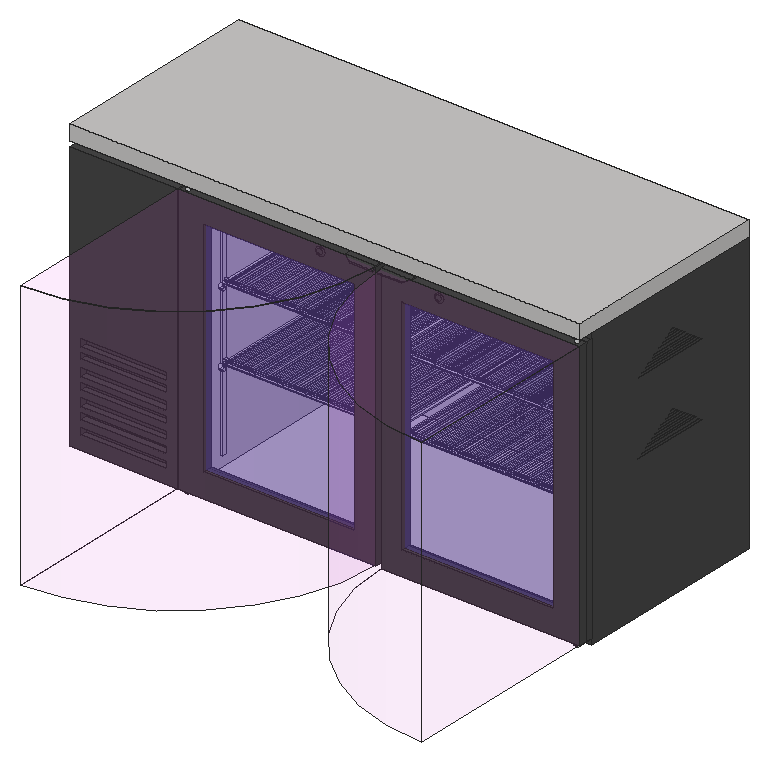
Revit family "QF_True_TBB24-60-2G-Z1-SFT-B-1_Glass_Swing_Door_Back_Bar", category Specialty Equipment, Revit 2021 (continued)
Definition of nested family "Family3"
  Definition of nested family "2 INCHES_CASTER"
    Forms (in)
      Extrusion 4, solid, visible <- "2 Inches Caster"
        sketch origin (-1.98481, 1.43296, -1.7541) x (0, 1, 0) y (0, 0, 1)
          loop
            line (-0.64294, 3.71792) -> (-2.21294, 3.71792)
        from 2.74918 to 2.90825
      Extrusion 5, solid, visible <- "2 Inches Caster"
        sketch origin (1.98481, 1.43296, -1.7541) x (0, 1, 0) y (0, 0, -1)
          loop
            arc (-0.58446, -2.55082) -> (-0.59625, -2.50123) -> (-0.6121, -2.45278) r 0.61695
            arc (-0.6121, -2.45278) -> (-0.94802, -2.21237) -> (-1.29729, -2.43295) r 0.37001
            arc (-1.29729, -2.43295) -> (-1.36136, -2.62044) -> (-1.39241, -2.81612) r 1.15385
            arc (-1.39241, -2.81612) -> (-1.56115, -3.28048) -> (-1.94904, -3.58652) r 0.90292
            line (-1.94904, -3.58652) -> (-2.21294, -3.58652) -> (-2.21294, -3.71792) -> (-0.64294, -3.71792)
            arc (-0.64294, -3.71792) -> (-0.42936, -3.69906) -> (-0.22239, -3.64306) r 1.21859
            line (-0.22239, -3.64306) -> (-0.29048, -3.52526)
            arc (-0.29048, -3.52526) -> (-0.07255, -3.40259) -> (0.12713, -3.252) r 1.8753
            line (0.12713, -3.252) -> (0.05609, -3.15367)
            arc (0.05609, -3.15367) -> (-0.36134, -2.95548) -> (-0.58446, -2.55082) r 0.75313
        from 2.74918 to 2.90825
    Cuts and joins
      joined: Revolve 1, Extrusion 4, Extrusion 5
    Lines and regions (in)
      symbolic lines, visible <- "2 Inches Caster"
        curve 1: line (0.10651, 1.59133, 0) -> (0.80944, 1.1855, 0)
        curve 2: line (-0.89349, -0.14072, 0) -> (0.10651, 1.59133, 0)
        curve 3: line (-0.19056, -0.54656, 0) -> (-0.89349, -0.14072, 0)
        curve 4: line (0.80944, 1.1855, 0) -> (-0.19056, -0.54656, 0)
    Dimensions and locks (in)
      plane 4 "TOP" to level = 2"  (x2)
      aligned and locked: level to plane 1
  Definition of nested family "3 INCHES 01_CASTER"
    Parameters (values of type "3 INCHES 01_CASTER")
      Weight = ""
      URL Manufacturer = ""
      URL Cutsheet = ""
      URL = ""
      Type Mark [instance] = ""
      Specification by User [instance] = ""
      Specification by Manufacturer = ""
      Serial Number = ""
      Seismic Rating = ""
      SMACNA No = ""
      Revision Code [instance] = ""
      Omniclass Number and Title = ""
      NAFEM Spec ID Number = ""
      Model = ""
      MasterSpec. = ""
      Manufacturer = ""
      Item Number [instance] = ""
      Installed By [instance] = ""
      Identify Quantity as Lot [instance] = yes
      Furnished By [instance] = ""
      Foodservice Equipment Identifier [instance] = yes
      Description = ""
      Default Elevation = 0"
      CSI MasterFormat = ""
      CSI Master Format = ""
      Assembly Code = ""
      3 Inches Caster [instance] = yes
    Reference planes (in)
      plane 1: z = 0
      plane 2 "RIGHT": x = 0
      plane 3 "FRONT": y = 0
      plane 4 "TOP": z = 3
    Forms (in)
      Revolve 1, solid, visible <- "3 Inches Caster"
        sketch origin (-1.93794, 0.56004, -1.0041) x (1, 0, 0) y (0, 0, 1)
          loop
            line (0.74055, 2.11347) -> (0.74055, 2.03797) -> (0.79055, 1.98797) -> (0.85055, 1.98797) -> (0.85055, 1.8679) -> (1.235, 1.8679) -> (1.235, 1.7068) -> (1.36441, 1.63209) -> (1.4003, 1.41035) -> (1.34375, 1.41035) -> (1.34375, 1.28535) -> (1.375, 1.28535) -> (1.375, 1.0041) -> (2.48438, 1.0041) -> (2.48438, 1.28535) -> (2.51563, 1.28535) -> (2.51563, 1.41035) -> (2.45908, 1.41035) -> (2.49553, 1.6356) -> (2.62438, 1.70999) -> (2.62438, 1.8679) -> (3.04007, 1.8679) -> (3.04007, 1.98797) -> (3.10007, 1.98797) -> (3.15007, 2.03797) -> (3.15007, 2.11347) -> (0.74055, 2.11347)
          axis (0.74055, 2.11347) -> (3.15007, 2.11347)
        angle from 0 to 360
      Extrusion 2, solid, visible <- "3 Inches Caster"
        sketch origin (-1.93794, 1.35294, -3.2541) x (0, 1, 0) y (0, 0, 1)
          loop
            line (-0.41094, 5.86793) -> (-0.41094, 6.01276) -> (-2.29494, 6.01276) -> (-2.29494, 5.71244) -> (-1.82301, 5.71244)
            arc (-1.82301, 5.71244) -> (-1.00307, 5.59865) -> (-0.19592, 5.41488) r 9.6332
            arc (-0.19592, 5.41488) -> (0.12646, 5.29481) -> (0.42224, 5.11916) r 1.92059
            line (0.42224, 5.11916) -> (0.51314, 5.245)
            arc (0.51314, 5.245) -> (0.27353, 5.42569) -> (0.01201, 5.5729) r 2.25036
            line (0.01201, 5.5729) -> (0.09371, 5.71426)
            arc (0.09371, 5.71426) -> (-0.15272, 5.81043) -> (-0.41094, 5.86793) r 1.73151
        from 1.17357 to 2.70231
      Revolve 3, solid, visible <- "3 Inches Caster"
        sketch origin (0, 1.73858, -3.25) x (0, 1, 0) y (0, 0, 1)
          loop
            line (-1.73858, 6.25) -> (-1.73858, 6.00866) -> (-0.93293, 6.00866) -> (-0.93293, 6.25) -> (-1.73858, 6.25)
          axis (-1.73858, 6.00866) -> (-1.73858, 6.25)
        angle from 0 to 360
      Extrusion 4, solid, visible <- "3 Inches Caster"
        sketch origin (-1.98481, 1.35294, -1.7541) x (0, 1, 0) y (0, 0, 1)
          loop
            line (-2.29494, 4.51276) -> (-2.29494, 4.21244) -> (-2.2074, 4.21244)
            arc (-2.2074, 4.21244) -> (-1.58796, 3.87196) -> (-1.3103, 3.22193) r 1.0835
            arc (-1.3103, 3.22193) -> (-1.27304, 2.98711) -> (-1.19616, 2.76214) r 1.38462
            arc (-1.19616, 2.76214) -> (-0.77704, 2.49744) -> (-0.37393, 2.78593) r 0.44401
            arc (-0.37393, 2.78593) -> (-0.35491, 2.84407) -> (-0.34077, 2.90358) r 0.74034
            arc (-0.34077, 2.90358) -> (-0.07302, 3.38916) -> (0.4279, 3.62699) r 0.90376
            line (0.4279, 3.62699) -> (0.51314, 3.745)
            arc (0.51314, 3.745) -> (0.27353, 3.92569) -> (0.01201, 4.0729) r 2.25036
            line (0.01201, 4.0729) -> (0.09371, 4.21426)
            arc (0.09371, 4.21426) -> (-0.15272, 4.31043) -> (-0.41094, 4.36793) r 1.73151
            line (-0.41094, 4.36793) -> (-0.41094, 4.51276) -> (-2.29494, 4.51276)
        from 2.74918 to 2.90825
      Extrusion 5, solid, visible <- "3 Inches Caster"
        sketch origin (1.98481, 1.35294, -1.7541) x (0, 1, 0) y (0, 0, -1)
          loop
            line (-2.29494, -4.51276) -> (-0.41094, -4.51276) -> (-0.41094, -4.36793)
            arc (-0.41094, -4.36793) -> (-0.15272, -4.31043) -> (0.09371, -4.21426) r 1.73151
            line (0.09371, -4.21426) -> (0.01201, -4.0729)
            arc (0.01201, -4.0729) -> (0.27353, -3.92569) -> (0.51314, -3.745) r 2.25036
            line (0.51314, -3.745) -> (0.4279, -3.62699)
            arc (0.4279, -3.62699) -> (-0.07302, -3.38916) -> (-0.34077, -2.90358) r 0.90376
            arc (-0.34077, -2.90358) -> (-0.35491, -2.84407) -> (-0.37393, -2.78593) r 0.74034
            arc (-0.37393, -2.78593) -> (-0.77704, -2.49744) -> (-1.19616, -2.76214) r 0.44401
            arc (-1.19616, -2.76214) -> (-1.27304, -2.98711) -> (-1.3103, -3.22193) r 1.38462
            arc (-1.3103, -3.22193) -> (-1.58796, -3.87196) -> (-2.2074, -4.21244) r 1.0835
            line (-2.2074, -4.21244) -> (-2.29494, -4.21244) -> (-2.29494, -4.51276)
        from 2.74918 to 2.90825
    Cuts and joins
      joined: Extrusion 2, Extrusion 4, Extrusion 5
    Lines and regions (in)
      symbolic lines, visible <- "3 Inches Caster"
        curve 1: line (0.1877, 1.65194, 0) -> (0.89063, 1.2461, 0)
        curve 2: line (-1.00175, -0.40823, 0) -> (0.1877, 1.65194, 0)
        curve 3: line (-0.29881, -0.81407, 0) -> (-1.00175, -0.40823, 0)
        curve 4: line (0.89063, 1.2461, 0) -> (-0.29881, -0.81407, 0)
    Dimensions and locks (in)
      plane 4 "TOP" to level = 3"  (x2)
      aligned and locked: level to plane 1
  Definition of nested family "4 INCHES_CASTER"
    Parameters (values of type "4 INCHES_CASTER")
      Weight = ""
      URL Manufacturer = ""
      URL Cutsheet = ""
      URL = ""
      Type Mark [instance] = ""
      Specification by User [instance] = ""
      Specification by Manufacturer = ""
      Show 4 Inches Casters [instance] = yes
      Serial Number = ""
      Seismic Rating = ""
      SMACNA No = ""
      Revision Code [instance] = ""
      Omniclass Number and Title = ""
      NAFEM Spec ID Number = ""
      Model = ""
      MasterSpec. = ""
      Manufacturer = ""
      Item Number [instance] = ""
      Installed By [instance] = ""
      Identify Quantity as Lot [instance] = yes
      Furnished By [instance] = ""
      Foodservice Equipment Identifier [instance] = yes
      Description = ""
      Default Elevation = 0"
      CSI MasterFormat = ""
      CSI Master Format = ""
      Assembly Code = ""
    Reference planes (in)
      plane 1: z = 0
      plane 2 "RIGHT": x = 0
      plane 3 "FRONT": y = 0
      plane 4 "TOP": z = 4
    Forms (in)
      Revolve 1, solid, visible <- "Show 4 Inches Casters"
        sketch origin (-1.93794, 0.83816, -1.0041) x (1, 0, 0) y (0, 0, 1)
          loop
            line (0.74055, 2.5041) -> (3.15007, 2.5041) -> (3.15007, 2.5796) -> (3.10007, 2.6296) -> (3.04007, 2.6296) -> (3.04007, 2.74967) -> (2.62438, 2.74967) -> (2.62438, 2.93884) -> (2.48438, 3.01967) -> (2.45908, 3.17597) -> (2.51563, 3.17597) -> (2.51563, 3.41035) -> (2.48438, 3.41035) -> (2.48438, 4.0041) -> (1.375, 4.0041) -> (1.375, 3.41035) -> (1.34375, 3.41035) -> (1.34375, 3.17597) -> (1.4003, 3.17597) -> (1.37557, 3.02318) -> (1.235, 2.94202) -> (1.235, 2.74967) -> (0.85055, 2.74967) -> (0.85055, 2.6296) -> (0.79055, 2.6296) -> (0.74055, 2.5796) -> (0.74055, 2.5041)
          axis (0.74055, 2.5041) -> (3.15007, 2.5041)
        angle from 0 to 360
      Extrusion 2, solid, visible <- "Show 4 Inches Casters"
        sketch origin (-1.93794, 1.80294, -1.7541) x (0, 1, 0) y (0, 0, 1)
          loop
            line (-3.08794, 5.33423) -> (-3.08794, 5.00584) -> (-2.69466, 5.00584)
            arc (-2.69466, 5.00584) -> (-1.57175, 4.94895) -> (-0.46376, 4.75787) r 9.36411
            arc (-0.46376, 4.75787) -> (-0.05889, 4.58436) -> (0.28335, 4.30705) r 1.60049
            line (0.28335, 4.30705) -> (0.34449, 4.39437)
            arc (0.34449, 4.39437) -> (0.12713, 4.6163) -> (-0.1239, 4.79931) r 1.8753
            line (-0.1239, 4.79931) -> (-0.05749, 4.91421)
            arc (-0.05749, 4.91421) -> (-0.33807, 5.05694) -> (-0.64294, 5.13542) r 1.44292
            line (-0.64294, 5.13542) -> (-0.64294, 5.33423) -> (-3.08794, 5.33423)
        from 1.1267 to 2.74918
      Revolve 3, solid, visible <- "Show 4 Inches Casters"
        sketch origin (0, 2.15543, -2.25) x (0, 1, 0) y (0, 0, 1)
          loop
            line (-2.21793, 6.25) -> (-2.21793, 5.83014) -> (-1.05793, 5.83014) -> (-1.05793, 6.25) -> (-2.21793, 6.25)
          axis (-2.21793, 5.83014) -> (-2.21793, 6.25)
        angle from 0 to 360
      Extrusion 4, solid, visible <- "Show 4 Inches Casters"
        sketch origin (-1.93794, 1.80294, -1.7541) x (0, 1, 0) y (0, 0, 1)
          loop
            line (-3.08794, 5.33423) -> (-3.08794, 5.00584) -> (-2.8913, 5.00584)
            arc (-2.8913, 5.00584) -> (-2.09118, 4.14057) -> (-1.45681, 3.14736) r 6.63355
            arc (-1.45681, 3.14736) -> (-0.85703, 2.75969) -> (-0.4561, 3.35069) r 0.5107
            arc (-0.4561, 3.35069) -> (-0.27092, 3.92503) -> (0.24034, 4.24562) r 0.88136
            line (0.24034, 4.24562) -> (0.34449, 4.39437)
            arc (0.34449, 4.39437) -> (0.12713, 4.6163) -> (-0.1239, 4.79931) r 1.8753
            line (-0.1239, 4.79931) -> (-0.05749, 4.91421)
            arc (-0.05749, 4.91421) -> (-0.33807, 5.05694) -> (-0.64294, 5.13542) r 1.44292
            line (-0.64294, 5.13542) -> (-0.64294, 5.33423) -> (-3.08794, 5.33423)
        from 2.74918 to 2.90825
      Extrusion 5, solid, visible <- "Show 4 Inches Casters"
        sketch origin (1.93794, 1.80294, -1.7541) x (0, 1, 0) y (0, 0, -1)
          loop
            line (-3.08794, -5.33423) -> (-0.64294, -5.33423) -> (-0.64294, -5.13542)
            arc (-0.64294, -5.13542) -> (-0.33807, -5.05694) -> (-0.05749, -4.91421) r 1.44292
            line (-0.05749, -4.91421) -> (-0.1239, -4.79931)
            arc (-0.1239, -4.79931) -> (0.12713, -4.6163) -> (0.34449, -4.39437) r 1.8753
            line (0.34449, -4.39437) -> (0.24034, -4.24562)
            arc (0.24034, -4.24562) -> (-0.27092, -3.92503) -> (-0.4561, -3.35069) r 0.88136
            arc (-0.4561, -3.35069) -> (-0.85703, -2.75969) -> (-1.45681, -3.14736) r 0.5107
            arc (-1.45681, -3.14736) -> (-2.09118, -4.14057) -> (-2.8913, -5.00584) r 6.63355
            line (-2.8913, -5.00584) -> (-3.08794, -5.00584) -> (-3.08794, -5.33423)
        from 2.74918 to 2.90825
    Cuts and joins
      joined: Extrusion 2, Extrusion 4, Extrusion 5
    Lines and regions (in)
      symbolic lines, visible <- "Show 4 Inches Casters"
        curve 1: line (0.28481, 1.83041, 0) -> (1.24556, 1.27572, 0)
        curve 2: line (-1.26206, -0.84886, 0) -> (0.28481, 1.83041, 0)
        curve 3: line (-0.30132, -1.40355, 0) -> (-1.26206, -0.84886, 0)
        curve 4: line (1.24556, 1.27572, 0) -> (-0.30132, -1.40355, 0)
    Dimensions and locks (in)
      plane 4 "TOP" to level = 4"  (x2)
      aligned and locked: level to plane 1
  Definition of nested family "5 INCHES 01_CASTER 2"
    Parameters (values of type "5 INCHES 01_CASTER 2")
      Weight = ""
      URL Manufacturer = ""
      URL Cutsheet = ""
      URL = ""
      Type Mark [instance] = ""
      Specification by User [instance] = ""
      Specification by Manufacturer = ""
      Show 5" Casters [instance] = yes
      Serial Number = ""
      Seismic Rating = ""
      SMACNA No = ""
      Revision Code [instance] = ""
      Omniclass Number and Title = ""
      NAFEM Spec ID Number = ""
      Model = ""
      MasterSpec. = ""
      Manufacturer = ""
      Key Locks [instance] = yes
      Item Number [instance] = ""
      Installed By [instance] = ""
      Identify Quantity as Lot [instance] = yes
      Furnished By [instance] = ""
      Foodservice Equipment Identifier [instance] = yes
      Description = ""
      Default Elevation = 0"
      CSI MasterFormat = ""
      CSI Master Format = ""
      Assembly Code = ""
    Reference planes (in)
      plane 1: z = 0
      plane 2 "RIGHT": x = 0
      plane 3 "FRONT": y = 0
      plane 4 "TOP": z = 5
    Forms (in)
      Revolve 1, solid, visible <- "Show 5" Casters"
        sketch origin (-1.93794, 0.99859, -1.0041) x (1, 0, 0) y (0, 0, 1)
          loop
            line (0.74055, 3.0041) -> (0.74055, 2.9286) -> (0.79055, 2.8786) -> (0.85055, 2.8786) -> (0.85055, 2.75852) -> (1.235, 2.75852) -> (1.235, 2.56618) -> (1.37557, 2.48502) -> (1.49133, 1.76972) -> (1.34375, 1.76972) -> (1.34375, 1.53535) -> (1.375, 1.53535) -> (1.375, 1.0041) -> (2.48438, 1.0041) -> (2.48438, 1.53535) -> (2.51563, 1.53535) -> (2.51563, 1.76972) -> (2.36805, 1.76972) -> (2.48438, 2.48853) -> (2.62438, 2.56936) -> (2.62438, 2.75852) -> (3.04007, 2.75852) -> (3.04007, 2.8786) -> (3.10007, 2.8786) -> (3.15007, 2.9286) -> (3.15007, 3.0041) -> (0.74055, 3.0041)
          axis (0.74055, 3.0041) -> (3.15007, 3.0041)
        angle from 0 to 360
      Extrusion 2, solid, visible <- "Show 5" Casters"
        sketch origin (-1.93794, 1.96337, -0.7541) x (0, 1, 0) y (0, 0, 1)
          loop
            line (-3.37739, 5.33423) -> (-3.37739, 4.92712) -> (-2.49294, 4.92712)
            arc (-2.49294, 4.92712) -> (-1.47209, 4.91752) -> (-0.46376, 4.75787) r 6.92153
            arc (-0.46376, 4.75787) -> (0.14199, 4.53396) -> (0.67481, 4.16904) r 2.62713
            line (0.67481, 4.16904) -> (0.7876, 4.33012)
            arc (0.7876, 4.33012) -> (0.48098, 4.5674) -> (0.13288, 4.73811) r 1.91675
            line (0.13288, 4.73811) -> (0.21197, 4.87494)
            arc (0.21197, 4.87494) -> (-0.1576, 5.02102) -> (-0.54934, 5.08775) r 1.91675
            line (-0.54934, 5.08775) -> (-0.54934, 5.33423) -> (-3.37739, 5.33423)
        from 1.17357 to 2.70231
      Revolve 3, solid, visible <- "Show 5" Casters"
        sketch origin (0, 2.15543, -1.25) x (0, 1, 0) y (0, 0, 1)
          loop
            line (-2.21793, 6.25) -> (-2.21793, 5.83014) -> (-1.05793, 5.83014) -> (-1.05793, 6.25) -> (-2.21793, 6.25)
          axis (-2.21793, 5.83014) -> (-2.21793, 6.25)
        angle from 0 to 360
      Extrusion 4, solid, visible <- "Show 5" Casters"
        sketch origin (-1.98481, 1.96337, -0.7541) x (0, 1, 0) y (0, 0, 1)
          loop
            line (-3.37739, 5.33423) -> (-3.37739, 4.92712) -> (-3.13361, 4.92712)
            arc (-3.13361, 4.92712) -> (-2.12623, 3.92533) -> (-1.55834, 2.62307) r 3.79122
            arc (-1.55834, 2.62307) -> (-0.81477, 2.14247) -> (-0.31772, 2.87515) r 0.63314
            arc (-0.31772, 2.87515) -> (-0.02244, 3.67728) -> (0.68637, 4.15498) r 1.39003
            line (0.68637, 4.15498) -> (0.7876, 4.33012)
            arc (0.7876, 4.33012) -> (0.48098, 4.5674) -> (0.13288, 4.73811) r 1.91675
            line (0.13288, 4.73811) -> (0.21197, 4.87494)
            arc (0.21197, 4.87494) -> (-0.1576, 5.02102) -> (-0.54934, 5.08775) r 1.91675
            line (-0.54934, 5.08775) -> (-0.54934, 5.33423) -> (-3.37739, 5.33423)
        from 2.74918 to 2.90825
      Extrusion 5, solid, visible <- "Show 5" Casters"
        sketch origin (1.98481, 1.96337, -0.7541) x (0, 1, 0) y (0, 0, -1)
          loop
            line (-3.37739, -5.33423) -> (-0.54934, -5.33423) -> (-0.54934, -5.08775)
            arc (-0.54934, -5.08775) -> (-0.1576, -5.02102) -> (0.21197, -4.87494) r 1.91675
            line (0.21197, -4.87494) -> (0.13288, -4.73811)
            arc (0.13288, -4.73811) -> (0.48098, -4.5674) -> (0.7876, -4.33012) r 1.91675
            line (0.7876, -4.33012) -> (0.68637, -4.15498)
            arc (0.68637, -4.15498) -> (-0.02244, -3.67728) -> (-0.31772, -2.87515) r 1.39003
            arc (-0.31772, -2.87515) -> (-0.81477, -2.14247) -> (-1.55834, -2.62307) r 0.63314
            arc (-1.55834, -2.62307) -> (-2.12623, -3.92533) -> (-3.13361, -4.92712) r 3.79122
            line (-3.13361, -4.92712) -> (-3.37739, -4.92712) -> (-3.37739, -5.33423)
        from 2.74918 to 2.90825
      Extrusion 6, solid, visible <- "Key Locks"
        sketch origin (-0.96875, 2.04726, -0.57589) x (0, 1, 0) y (0, 0, -1)
          loop
            line (-2.58496, -2.03961) -> (-1.89213, -2.43961) -> (-1.53273, -2.64711)
            arc (-1.53273, -2.64711) -> (-1.45411, -2.76529) -> (-1.38688, -2.89031) r 1.51617
            arc (-1.38688, -2.89031) -> (-1.13602, -3.13035) -> (-0.79652, -3.20306) r 0.63657
            arc (-0.79652, -3.20306) -> (-0.67098, -3.20163) -> (-0.54633, -3.21661) r 0.9589
            line (-0.54633, -3.21661) -> (0.23309, -3.66661) -> (0.42979, -3.32592)
            arc (0.42979, -3.32592) -> (0.46473, -3.10362) -> (0.3415, -2.91533) r 0.313
            line (0.3415, -2.91533) -> (0.21087, -3.04595)
            arc (0.21087, -3.04595) -> (0.24081, -3.14321) -> (0.14284, -3.17074) r 0.07109
            line (0.14284, -3.17074) -> (-0.52795, -2.78336)
            arc (-0.52795, -2.78336) -> (-0.62217, -2.51108) -> (-0.36609, -2.37904) r 0.22
            arc (-0.36609, -2.37904) -> (-0.3435, -2.357) -> (-0.33862, -2.32583) r 0.05
            arc (-0.33862, -2.32583) -> (-0.50047, -2.10967) -> (-0.75504, -2.01961) r 0.46592
            line (-0.75504, -2.01961) -> (-1.49574, -2.01961)
            arc (-1.49574, -2.01961) -> (-1.57675, -2.00894) -> (-1.65224, -1.97767) r 0.313
            line (-1.65224, -1.97767) -> (-2.05389, -1.74578)
            arc (-2.05389, -1.74578) -> (-2.2914, -1.71451) -> (-2.48146, -1.86034) r 0.313
            line (-2.48146, -1.86034) -> (-2.58496, -2.03961)
        from 0 to 0.0625
      Extrusion 7, solid, visible <- "Key Locks"
        sketch origin (-0.96875, 2.04726, -0.57589) x (0, 1, 0) y (0, 0, -1)
          loop
            line (-0.45692, -2.6604) -> (0.47061, -3.19578)
            arc (0.47061, -3.19578) -> (0.44304, -3.03852) -> (0.3415, -2.91533) r 0.313
            line (0.3415, -2.91533) -> (-0.36656, -2.53415)
            arc (-0.36656, -2.53415) -> (-0.48136, -2.54745) -> (-0.45692, -2.6604) r 0.078
        from 0 to 0.5
      Extrusion 8, solid, visible <- "Key Locks"
        sketch origin (0.96875, 2.04726, -0.57589) x (0, 1, 0) y (0, 0, 1)
          loop
            line (-2.58496, 2.03961) -> (-2.48146, 1.86034)
            arc (-2.48146, 1.86034) -> (-2.2914, 1.71451) -> (-2.05389, 1.74578) r 0.313
            line (-2.05389, 1.74578) -> (-1.65224, 1.97767)
            arc (-1.65224, 1.97767) -> (-1.57675, 2.00894) -> (-1.49574, 2.01961) r 0.313
            line (-1.49574, 2.01961) -> (-0.75504, 2.01961)
            arc (-0.75504, 2.01961) -> (-0.50047, 2.10967) -> (-0.33862, 2.32583) r 0.46592
            arc (-0.33862, 2.32583) -> (-0.3435, 2.357) -> (-0.36609, 2.37904) r 0.05
            arc (-0.36609, 2.37904) -> (-0.62217, 2.51108) -> (-0.52795, 2.78336) r 0.22
            line (-0.52795, 2.78336) -> (0.14284, 3.17074)
            arc (0.14284, 3.17074) -> (0.24081, 3.14321) -> (0.21087, 3.04595) r 0.07109
            line (0.21087, 3.04595) -> (0.3415, 2.91533)
            arc (0.3415, 2.91533) -> (0.46473, 3.10362) -> (0.42979, 3.32592) r 0.313
            line (0.42979, 3.32592) -> (0.23309, 3.66661) -> (-0.54633, 3.21661)
            arc (-0.54633, 3.21661) -> (-0.67098, 3.20163) -> (-0.79652, 3.20306) r 0.9589
            arc (-0.79652, 3.20306) -> (-1.13602, 3.13035) -> (-1.38688, 2.89031) r 0.63657
            arc (-1.38688, 2.89031) -> (-1.45411, 2.76529) -> (-1.53273, 2.64711) r 1.51617
            line (-1.53273, 2.64711) -> (-1.89213, 2.43961) -> (-2.58496, 2.03961)
        from 0 to 0.0625
      Extrusion 9, solid, visible <- "Key Locks"
        sketch origin (0.96875, 2.04726, -0.57589) x (0, 1, 0) y (0, 0, 1)
          loop
            arc (-0.45692, 2.6604) -> (-0.48136, 2.54745) -> (-0.36656, 2.53415) r 0.078
            line (-0.36656, 2.53415) -> (0.3415, 2.91533)
            arc (0.3415, 2.91533) -> (0.44304, 3.03852) -> (0.47061, 3.19578) r 0.313
            line (0.47061, 3.19578) -> (-0.45692, 2.6604)
        from 0 to 0.5
    Cuts and joins
      joined: Extrusion 2, Extrusion 4, Extrusion 5
    Lines and regions (in)
      symbolic lines, visible <- "Show 5" Casters"
        curve 1: line (0.54262, 2.21348, 0) -> (1.50337, 1.65879, 0)
        curve 2: line (-1.45738, -1.25062, 0) -> (-0.70738, 0.04842, 0)
        curve 3: line (-0.49663, -1.80531, 0) -> (-1.45738, -1.25062, 0)
        curve 4: line (1.50337, 1.65879, 0) -> (0.75337, 0.35975, 0)
        curve 5: line (-0.20738, 0.91444, 0) -> (0.54262, 2.21348, 0)
        curve 6: line (0.25337, -0.50627, 0) -> (-0.49663, -1.80531, 0)
    Dimensions and locks (in)
      plane 4 "TOP" to level = 5"  (x2)
      aligned and locked: level to plane 1
  Definition of nested family "6 INCHES LEGS"
    Parameters (values of type "6 INCHES LEGS")
      Weight = ""
      URL Manufacturer = ""
      URL Cutsheet = ""
      URL = ""
      Type Mark [instance] = ""
      Status [instance] = ""
      Specification by User [instance] = ""
      Specification by Manufacturer = ""
      Show 6" Legs [instance] = yes
      Show Seismic Flanged [instance] = yes
      Serial Number = ""
      Seismic Rating = ""
      SMACNA No = ""
      Revision Code [instance] = ""
      Omniclass Number and Title = ""
      NAFEM Spec ID Number = ""
      Model = ""
      MasterSpec. = ""
      Manufacturer = ""
      Item Number [instance] = ""
      Installed By [instance] = ""
      Identify Quantity as Lot [instance] = yes
      Furnished By [instance] = ""
      Foodservice Equipment Identifier [instance] = yes
      Description = ""
      Default Elevation = 0"
      CSI MasterFormat = ""
      CSI Master Format = ""
      Assembly Code = ""
    Reference planes (in)
      plane 1: z = 0
      plane 2 "RIGHT": x = 0
      plane 3 "FRONT": y = 0
      plane 4 "TOP": z = 6
    Forms (in)
      Revolve 1, solid, visible <- "Show 6" Legs"
        sketch origin (11.12172, 0, 0) x (-1, 0, 0) y (0, 0, -1)
          loop
            line (11.12172, -6) -> (11.12172, 0) -> (10.62172, 0) -> (10.62172, -1.30261) -> (10.37172, -1.30261) -> (10.37172, -6) -> (11.12172, -6)
          axis (11.12172, 0) -> (11.12172, -6)
        angle from 0 to 360
      Extrusion 2, solid, visible <- "Show Seismic Flanged"
        sketch origin (0, 0, 0) x (1, 0, 0) y (0, 1, 0)
          loop
            circle (0, 0) r 1
        from 0 to 0.03125
    Dimensions and locks (in)
      plane 4 "TOP" to level = 6"  (x2)
      locked: Revolve 1 sketch curve to Revolve 1 sketch curve at 1.30261
      locked: Revolve 1 sketch curve to Revolve 1 sketch curve at 0.75
      aligned and locked: level to plane 1
  Definition of nested family "6 INCHES LEGS WITH FLANGED"
    Parameters (values of type "6 INCHES LEGS WITH FLANGED")
      Weight = ""
      URL Manufacturer = ""
      URL Cutsheet = ""
      URL = ""
      Type Mark [instance] = ""
      Status [instance] = ""
      Specification by User [instance] = ""
      Specification by Manufacturer = ""
      Show 6" Seismic Flanged [instance] = yes
      Serial Number = ""
      Seismic Rating = ""
      SMACNA No = ""
      Revision Code [instance] = ""
      Omniclass Number and Title = ""
      NAFEM Spec ID Number = ""
      Model = ""
      MasterSpec. = ""
      Manufacturer = ""
      Item Number [instance] = ""
      Installed By [instance] = ""
      Identify Quantity as Lot [instance] = yes
      Furnished By [instance] = ""
      Foodservice Equipment Identifier [instance] = yes
      Description = ""
      Default Elevation = 0"
      CSI MasterFormat = ""
      CSI Master Format = ""
      Assembly Code = ""
    Reference planes (in)
      plane 1: z = 0
      plane 2 "RIGHT": x = 0
      plane 3 "FRONT": y = 0
      plane 4 "TOP": z = 6
    Forms (in)
      Revolve 1, solid, visible <- "Show 6" Seismic Flanged"
        sketch origin (11.12172, 0, 0) x (-1, 0, 0) y (0, 0, -1)
          loop
            line (11.12172, -6) -> (11.12172, 0) -> (10.62172, 0) -> (10.62172, -1.30261) -> (10.37172, -1.30261) -> (10.37172, -6) -> (11.12172, -6)
          axis (11.12172, 0) -> (11.12172, -6)
        angle from 0 to 360
      Extrusion 2, solid, visible <- "Show 6" Seismic Flanged"
        sketch origin (0, 0, 0) x (1, 0, 0) y (0, 1, 0)
          loop
            circle (0, 0) r 1
        from 0 to 0.03125
    Dimensions and locks (in)
      plane 4 "TOP" to level = 6"  (x2)
      locked: Revolve 1 sketch curve to Revolve 1 sketch curve at 1.30261
      locked: Revolve 1 sketch curve to Revolve 1 sketch curve at 0.75
      aligned and locked: level to plane 1
